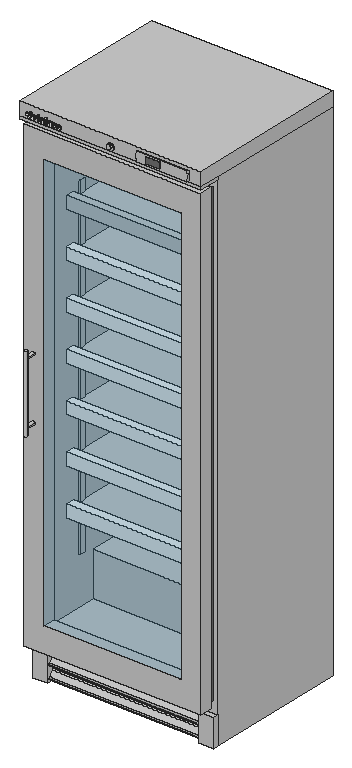
Revit family "QF_INFRICO_EVV100_250806102134", category Specialty Equipment, Revit 2021
Family settings
  Round Connector Dimension = Use Diameter
  Part Type = Normal
  OmniClass Number = 23.40.40.14
  OmniClass Title = Food Service Equipment
  Work Plane-Based = No
  Always vertical = Yes
  Cut with Voids When Loaded = No
  Shared = No
  Room Calculation Point = No
Parameters (values of type "EVV100")
  Weight [instance] = 140.00 kg
  Warranty Start Date [instance] = ""
  Warranty Duration [instance] = ""
  Volts [instance] = 230 V
  Volt Free Conn [instance] = no
  URL Recommended Spares List [instance] = ""
  URL Manufacturer [instance] = ""
  URL Cutsheet [instance] = ""
  URL Critical Spares List [instance] = ""
  URL = "www.infrico.com"
  Technical Documentation [instance] = ""
  Tag Number [instance] = ""
  Status [instance] = ""
  Start Up Current [instance] = 0 A
  Specification by User [instance] = ""
  Specification by Manufacturer [instance] = ""
  Sound Level [instance] = ""
  Show Logo [instance] = yes
  Show Clearances [instance] = yes
  Service Life Duration [instance] = ""
  Serial Number [instance] = ""
  Seismic Rating [instance] = ""
  SMACNA No [instance] = ""
  Revision Code [instance] = ""
  Revision [instance] = ""
  Production Year [instance] = ""
  Potential Equalisation [instance] = no
  Point Load [instance] = 0
  Phase [instance] = 1
  Other Equipment Approvals [instance] = ""
  Operational Current [instance] = 0 A
  Number of Poles [instance] = 2
  No Load Power Draw [instance] = no
  NAFEM Spec ID Number [instance] = ""
  Model Warning [instance] = ""
  Model = "EVV100"
  Min Ckt Ampacity [instance] = 0 A
  Max Overcurrent Protection [instance] = 0 A
  Masterspec [instance] = ""
  Manufacturer = "INFRICO"
  Main switch integrated [instance] = no
  Length Actual [instance] = 657 mm
  Item Number [instance] = ""
  Installed By [instance] = ""
  Installation Date [instance] = ""
  Identify Quantity as Lot [instance] = no
  ID [instance] = ""
  Hygiene Approval [instance] = ""
  Height Actual [instance] = 1918 mm
  HP power [instance] = ""
  Furnished By [instance] = ""
  Foodservice Equipment Identifier [instance] = no
  FL Amps [instance] = 0 A
  Electrical Remarks [instance] = ""
  Electric power [instance] = 360 W
  Electric Connection Type [instance] = ""
  Elec Conn RI Height [instance] = 0 mm
  Elec Conn Connection Height [instance] = 0 mm
  ETL Approved [instance] = no
  Description = "WOODEN WINE CELLAR - ONE DOOR - R290"
  Depth Actual [instance] = 596 mm
  Default Elevation = 0 mm
  Cycle [instance] = 50 Hz
  Cost = 0
  Connection to energy optimisation system [instance] = yes
  Conn Plug [instance] = ""
  Conn Conduit [instance] = no
  Centralized building control system with digital interface [instance] = ""
  CSI MasterFormat [instance] = ""
  CE Approved [instance] = no
  Barcode [instance] = 0
  Author [instance] = ""
  Asset Identifier [instance] = ""
  Apparent Power [instance] = 360 VA
  Accessory [instance] = no
Reference planes
  plane 1 "Center (Front/Back)": y = 0
  plane 2: z = 0
  plane 3 "Center (Left/Right)": x = 0
Forms (mm)
  Extrusion 1, solid, not visible
    sketch origin (615.03, -100.005, 320.016) x (1, 0, 0) y (0, 1, 0)
      loop
        line (-2, 2) -> (-2, -2) -> (2, -2) -> (2, 2) -> (-2, 2)
    from -2 to 2
Dimensions and locks
  locked: nested 2 to Extrusion 1 at 2  (x2)
  aligned and locked: level to plane 2
Nested families
  nested 1: "QF_INFRICO_EVV100_2920" at (0, 0, 0), type "EVV100"
    with Weight 140.00 kg, Warranty Start Date "", Warranty Duration "", URL Cutsheet "", Technical Documentation "", Tag Number "", Status "", Specification by User "", Specification by Manufacturer "", Sound Level "", Solid Fuel Type "", Show Logo yes, Show Clearances yes, Show Clearance yes, Service Life Duration "", Serial Number "", Seismic Rating "", SMACNA No "", Revision Code "", Revision "", Production Year "", Point Load 0, Other Equipment Approvals "", NAFEM Spec ID Number "", Model Warning "", Masterspec "", Length Actual 657 mm, Item Number "", Installed By "", Installation Date "", Identify Quantity as Lot yes, ID "", Hygiene Approval "", Height Actual 1918 mm, Furnished By "", Foodservice Equipment Identifier yes, Finish none, ETL Approved yes, Depth Actual 596 mm, CSI MasterFormat "", CE Approved no, Barcode "", Author "", Asset Identifier "", Accessory no
  nested 2: "CONN_POINT_ELE_2D___Generic_Annotation" at (615.03, -100.005, 318.016), type "CONN_POINT_ELE_2D___Generic_Annotation"
    with Onboard connection annotation symbol visibility yes
Connectors
  electrical at (615.03, -100.005, 318.016), driven by "Apparent Power", driven by "Number of Poles", driven by "Volts"
    settings: on Extrusion 1, index 1, voltage 230 V, apparent load 0 VA, apparent load phase1 360 VA, apparent load phase2 0 VA, apparent load phase3 0 VA, power factor 1, load classification "Other", number of poles 2, system type 31, power factor state 1, is connector primary yes, connector utility no, sub classification motor no, connector description "Electrical connection for EVV100"
Definition of nested family "QF_INFRICO_EVV100_2920"
  Parameters (values of type "EVV100")
    Weight [instance] = 0.00 kg
    Warranty Start Date [instance] = ""
    Warranty Duration [instance] = ""
    URL Cutsheet [instance] = ""
    URL = "www.infrico.com"
    Technical Documentation [instance] = ""
    Tag Number [instance] = ""
    Status [instance] = ""
    Specification by User [instance] = ""
    Specification by Manufacturer [instance] = ""
    Sound Level [instance] = ""
    Solid Fuel Type [instance] = ""
    Show Logo [instance] = yes
    Show Clearances [instance] = yes
    Show Clearance [instance] = yes
    Service Life Duration [instance] = ""
    Serial Number [instance] = ""
    Seismic Rating [instance] = ""
    SMACNA No [instance] = ""
    Revision Code [instance] = ""
    Revision [instance] = ""
    Production Year [instance] = ""
    Point Load [instance] = 0
    Other Equipment Approvals [instance] = ""
    NAFEM Spec ID Number [instance] = ""
    Model Warning [instance] = ""
    Model = "EVV100"
    Masterspec [instance] = ""
    Manufacturer = "INFRICO"
    Length Actual [instance] = 0 mm
    Item Number [instance] = ""
    Installed By [instance] = ""
    Installation Date [instance] = ""
    Identify Quantity as Lot [instance] = yes
    ID [instance] = ""
    Hygiene Approval [instance] = ""
    Height Actual [instance] = 0 mm
    Furnished By [instance] = ""
    Foodservice Equipment Identifier [instance] = yes
    Finish [instance] = none
    ETL Approved [instance] = yes
    Description = "WOODEN WINE CELLAR - ONE DOOR - R290"
    Depth Actual [instance] = 0 mm
    Default Elevation = 0 mm
    CSI MasterFormat [instance] = ""
    CE Approved [instance] = yes
    Barcode [instance] = ""
    Author [instance] = ""
    Asset Identifier [instance] = ""
    Assembly Code = "E1090320"
    Accessory [instance] = yes
  Reference planes
    plane 1 "Back": y = 0
    plane 2: z = 0
    plane 3 "Left": x = 0
    plane 4 "Right": x = 657
    plane 5 "Front": y = -596
    plane 6 "Top": z = 1918
  Forms (mm)
    Extrusion 1, solid, material <- "Finish"
      sketch origin (0, 0, 1868) x (1, 0, 0) y (0, 1, 0)
        loop
          line (0, 0) -> (0, -596) -> (657, -596) -> (657, 0) -> (0, 0)
      from 0 to 50
    Extrusion 2, solid, material <- "Finish"
      sketch origin (0, 0, 0) x (0, 1, 0) y (0, 0, 1)
        loop
          line (0, 1868) -> (-520, 1868) -> (-520, 18) -> (0, 18) -> (0, 1868)
      from 0 to 40
    Extrusion 3, solid, material <- "Finish"
      sketch origin (617, 0, 0) x (0, 1, 0) y (0, 0, 1)
        loop
          line (0, 1868) -> (-520, 1868) -> (-520, 18) -> (0, 18) -> (0, 1868)
      from 0 to 40
    Extrusion 4, solid, material <- "Finish"
      sketch origin (0, 0, 0) x (0, 1, 0) y (0, 0, 1)
        loop
          line (-520, 1868) -> (-596, 1868) -> (-596, 1858) -> (-520, 1858) -> (-520, 1868)
      from 0 to 657
    Extrusion 5, solid, material <- "Finish"
      sketch origin (0, 0, 0) x (0, 1, 0) y (0, 0, 1)
        loop
          line (0, 1868) -> (-19, 1868) -> (-19, 337) -> (-311, 337) -> (-311, 136) -> (-492, 136) -> (-492, 117) -> (-292, 117) -> (-292, 318) -> (0, 318) -> (0, 1868)
      from 40 to 617
    Extrusion 6, solid
      sketch origin (0, 0, 0) x (0, 1, 0) y (0, 0, 1)
        loop
          line (-103, 1801) -> (-103, 1651) -> (-83, 1611) -> (-83, 442) -> (-103, 402) -> (-103, 369) -> (-342, 369) -> (-342, 209) -> (-520, 209) -> (-520, 197) -> (-330, 197) -> (-330, 357) -> (-91, 357) -> (-91, 399.167) -> (-71, 439.167) -> (-71, 1613.833) -> (-91, 1653.833) -> (-91, 1813) -> (-520, 1813) -> (-520, 1801) -> (-103, 1801)
      from 40 to 617
    Extrusion 7, solid, material <- "Finish"
      sketch origin (0, 0, 0) x (0, 1, 0) y (0, 0, 1)
        loop
          line (-520, 18) -> (-520, 118) -> (-540, 118) -> (-540, 18) -> (-520, 18)
      from 0 to 54
    Extrusion 8, solid, material <- "Finish"
      sketch origin (603, 0, 0) x (0, 1, 0) y (0, 0, 1)
        loop
          line (-520, 18) -> (-520, 118) -> (-540, 118) -> (-540, 18) -> (-520, 18)
      from 0 to 54
    Extrusion 9, solid
      sketch origin (0, 0, 0) x (0, 1, 0) y (0, 0, 1)
        loop
          line (-519.636, 53.127) -> (-534, 36)
          arc (-534, 36) -> (-535.15, 32.35) -> (-533.382, 28.956) r 5
          line (-533.382, 28.956) -> (-528.785, 25.1)
          arc (-528.785, 25.1) -> (-525.135, 23.95) -> (-521.741, 25.718) r 5
          line (-521.741, 25.718) -> (-507.377, 42.845)
          arc (-507.377, 42.845) -> (-506.227, 46.495) -> (-507.995, 49.889) r 5
          line (-507.995, 49.889) -> (-512.592, 53.744)
          arc (-512.592, 53.744) -> (-516.242, 54.894) -> (-519.636, 53.127) r 5
        loop
          line (-519.636, 98.127) -> (-534, 81)
          arc (-534, 81) -> (-535.15, 77.35) -> (-533.382, 73.956) r 5
          line (-533.382, 73.956) -> (-528.785, 70.1)
          arc (-528.785, 70.1) -> (-525.135, 68.95) -> (-521.741, 70.718) r 5
          line (-521.741, 70.718) -> (-507.377, 87.845)
          arc (-507.377, 87.845) -> (-506.227, 91.495) -> (-507.995, 94.889) r 5
          line (-507.995, 94.889) -> (-512.592, 98.744)
          arc (-512.592, 98.744) -> (-516.242, 99.894) -> (-519.636, 98.127) r 5
      from 54 to 603
    Extrusion 10, solid, material <- "Finish"
      sketch origin (0, -492, 0) x (1, 0, 0) y (0, 0, 1)
        loop
          line (54, 18) -> (54, 118) -> (40, 118) -> (40, 18) -> (54, 18)
      from 0 to 28
    Extrusion 11, solid, material <- "Finish"
      sketch origin (563, -492, 0) x (1, 0, 0) y (0, 0, 1)
        loop
          line (54, 18) -> (54, 118) -> (40, 118) -> (40, 18) -> (54, 18)
      from 0 to 28
    Extrusion 12, solid, material <- "Finish"
      sketch origin (0, 0, 0) x (0, 1, 0) y (0, 0, 1)
        loop
          line (-520, 118) -> (-492, 118) -> (-492, 138) -> (-500, 138) -> (-500, 158) -> (-520, 158) -> (-520, 118)
      from 40 to 617
    Extrusion 13, solid, material <- "Finish"
      sketch origin (0, 0, 1986) x (0, 1, 0) y (0, 0, 1)
        loop
          line (-520, -118) -> (-520, -158) -> (-500, -158) -> (-500, -138) -> (-492, -138) -> (-492, -118) -> (-520, -118)
      from 40 to 617
    Extrusion 14, solid, material <- "Finish"
      sketch origin (7.5, -541, -77) x (1, 0, 0) y (0, 0, 1)
        loop
          line (0, 1918) -> (0, 222) -> (642, 222) -> (642, 1918) -> (0, 1918)
        loop
          line (572, 310) -> (572, 1830) -> (70, 1830) -> (70, 310) -> (572, 310)
      from 0 to 46
    Extrusion 15, solid
      sketch origin (1007.5, 0, 0) x (1, 0, 0) y (0, 0, 1)
        loop
          line (-988, 1829) -> (-988, 157) -> (-370, 157) -> (-370, 1829) -> (-988, 1829)
        loop
          line (-958, 1799) -> (-958, 187) -> (-400, 187) -> (-400, 1799) -> (-958, 1799)
      from 520 to 541
    Extrusion 16, solid
      sketch origin (1007.5, -17.233, 0) x (1, 0, 0) y (0, 0, 1)
        loop
          line (-930, 1753) -> (-930, 233) -> (-428, 233) -> (-428, 1753) -> (-930, 1753)
      from 567.767 to 569.767
    Extrusion 17, solid
      sketch origin (1813.697, -401.952, 528) x (1, 0, 0) y (0, 1, 0)
        loop
          line (-1748.697, 289.952) -> (-1748.697, -49.048) -> (-1221.697, -49.048) -> (-1221.697, 289.952) -> (-1748.697, 289.952)
      from 0 to 25
    Extrusion 18, solid
      sketch origin (1813.697, -401.952, 695) x (1, 0, 0) y (0, 1, 0)
        loop
          line (-1748.697, 289.952) -> (-1748.697, -49.048) -> (-1221.697, -49.048) -> (-1221.697, 289.952) -> (-1748.697, 289.952)
      from 0 to 25
    Extrusion 19, solid
      sketch origin (1813.697, -401.952, 862) x (1, 0, 0) y (0, 1, 0)
        loop
          line (-1748.697, 289.952) -> (-1748.697, -49.048) -> (-1221.697, -49.048) -> (-1221.697, 289.952) -> (-1748.697, 289.952)
      from 0 to 25
    Extrusion 20, solid
      sketch origin (1813.697, -401.952, 1029) x (1, 0, 0) y (0, 1, 0)
        loop
          line (-1748.697, 289.952) -> (-1748.697, -49.048) -> (-1221.697, -49.048) -> (-1221.697, 289.952) -> (-1748.697, 289.952)
      from 0 to 25
    Extrusion 21, solid
      sketch origin (1813.697, -401.952, 1196) x (1, 0, 0) y (0, 1, 0)
        loop
          line (-1748.697, 289.952) -> (-1748.697, -49.048) -> (-1221.697, -49.048) -> (-1221.697, 289.952) -> (-1748.697, 289.952)
      from 0 to 25
    Extrusion 22, solid
      sketch origin (1813.697, -401.952, 1363) x (1, 0, 0) y (0, 1, 0)
        loop
          line (-1748.697, 289.952) -> (-1748.697, -49.048) -> (-1221.697, -49.048) -> (-1221.697, 289.952) -> (-1748.697, 289.952)
      from 0 to 25
    Extrusion 23, solid
      sketch origin (1813.697, -401.952, 1530) x (1, 0, 0) y (0, 1, 0)
        loop
          line (-1748.697, 289.952) -> (-1748.697, -49.048) -> (-1221.697, -49.048) -> (-1221.697, 289.952) -> (-1748.697, 289.952)
      from 0 to 25
    Extrusion 24, solid
      sketch origin (-897.627, -174, 381) x (1, 0, 0) y (0, 1, 0)
        loop
          line (957.627, 0) -> (958.627, 0) -> (958.627, 1) -> (962.627, 3) -> (962.627, 18) -> (958.627, 20) -> (958.627, 21) -> (957.627, 21) -> (957.627, 19.382) -> (961.627, 17.382) -> (961.627, 3.618) -> (957.627, 1.618) -> (957.627, 0)
      from 0 to 1218
    Extrusion 25, solid
      sketch origin (-897.627, -404, 381) x (1, 0, 0) y (0, 1, 0)
        loop
          line (957.627, 0) -> (958.627, 0) -> (958.627, 1) -> (962.627, 3) -> (962.627, 18) -> (958.627, 20) -> (958.627, 21) -> (957.627, 21) -> (957.627, 19.382) -> (961.627, 17.382) -> (961.627, 3.618) -> (957.627, 1.618) -> (957.627, 0)
      from 0 to 1218
    Extrusion 26, solid
      sketch origin (1554.627, -174, 381) x (-1, 0, 0) y (0, -1, 0)
        loop
          line (957.627, 0) -> (957.627, -1.618) -> (961.627, -3.618) -> (961.627, -17.382) -> (957.627, -19.382) -> (957.627, -21) -> (958.627, -21) -> (958.627, -20) -> (962.627, -18) -> (962.627, -3) -> (958.627, -1) -> (958.627, 0) -> (957.627, 0)
      from 0 to 1218
    Extrusion 27, solid
      sketch origin (1554.627, -404, 381) x (-1, 0, 0) y (0, -1, 0)
        loop
          line (957.627, 0) -> (957.627, -1.618) -> (961.627, -3.618) -> (961.627, -17.382) -> (957.627, -19.382) -> (957.627, -21) -> (958.627, -21) -> (958.627, -20) -> (962.627, -18) -> (962.627, -3) -> (958.627, -1) -> (958.627, 0) -> (957.627, 0)
      from 0 to 1218
    Extrusion 28, solid
      sketch origin (25, 49, 691) x (0, 1, 0) y (0, 0, 1)
        loop
          line (-514, -118) -> (-514, -163) -> (-500, -163) -> (-500, -138) -> (-484, -138) -> (-484, -118) -> (-514, -118)
      from 40 to 567
    Extrusion 29, solid
      sketch origin (25, 49, 858) x (0, 1, 0) y (0, 0, 1)
        loop
          line (-514, -118) -> (-514, -163) -> (-500, -163) -> (-500, -138) -> (-484, -138) -> (-484, -118) -> (-514, -118)
      from 40 to 567
    Extrusion 30, solid
      sketch origin (20, 49, 1025) x (0, 1, 0) y (0, 0, 1)
        loop
          line (-514, -118) -> (-514, -163) -> (-500, -163) -> (-500, -138) -> (-484, -138) -> (-484, -118) -> (-514, -118)
      from 40 to 577
    Extrusion 31, solid
      sketch origin (20, 49, 1192) x (0, 1, 0) y (0, 0, 1)
        loop
          line (-514, -118) -> (-514, -163) -> (-500, -163) -> (-500, -138) -> (-484, -138) -> (-484, -118) -> (-514, -118)
      from 40 to 577
    Extrusion 32, solid
      sketch origin (20, 49, 1359) x (0, 1, 0) y (0, 0, 1)
        loop
          line (-514, -118) -> (-514, -163) -> (-500, -163) -> (-500, -138) -> (-484, -138) -> (-484, -118) -> (-514, -118)
      from 40 to 577
    Extrusion 33, solid
      sketch origin (20, 49, 1526) x (0, 1, 0) y (0, 0, 1)
        loop
          line (-514, -118) -> (-514, -163) -> (-500, -163) -> (-500, -138) -> (-484, -138) -> (-484, -118) -> (-514, -118)
      from 40 to 577
    Extrusion 34, solid
      sketch origin (25, 49, 1693) x (0, 1, 0) y (0, 0, 1)
        loop
          line (-514, -118) -> (-514, -163) -> (-500, -163) -> (-500, -138) -> (-484, -138) -> (-484, -118) -> (-514, -118)
      from 35 to 572
    Extrusion 35, solid
      sketch origin (1808.697, 0, 0) x (0, 1, 0) y (0, 0, 1)
        loop
          line (-119, 1221) -> (-119, 1271) -> (-131, 1271) -> (-152, 1221) -> (-119, 1221)
      from -1748.697 to -1211.697
    Extrusion 36, solid
      sketch origin (1808.697, 0, -167) x (0, 1, 0) y (0, 0, 1)
        loop
          line (-119, 1221) -> (-119, 1271) -> (-131, 1271) -> (-152, 1221) -> (-119, 1221)
      from -1748.697 to -1211.697
    Extrusion 37, solid
      sketch origin (0, 1000, 0) x (0, 1, 0) y (0, 0, 1)
        loop
          line (-1520, 1801) -> (-1520, 209) -> (-1342, 209) -> (-1342, 369) -> (-1103, 369) -> (-1103, 402) -> (-1083, 442) -> (-1083, 1611) -> (-1103, 1651) -> (-1103, 1801) -> (-1520, 1801)
      from 597 to 617
    Extrusion 38, solid
      sketch origin (-557, 1000, 0) x (0, 1, 0) y (0, 0, 1)
        loop
          line (-1520, 1801) -> (-1520, 209) -> (-1342, 209) -> (-1342, 369) -> (-1103, 369) -> (-1103, 402) -> (-1083, 442) -> (-1083, 1611) -> (-1103, 1651) -> (-1103, 1801) -> (-1520, 1801)
      from 597 to 617
    Extrusion 39, solid, material <- "Finish"
      sketch origin (0, 0, 0) x (0, 1, 0) y (0, 0, 1)
        loop
          line (0, 18) -> (0, 26) -> (-492, 26) -> (-492, 18) -> (0, 18)
      from 40 to 617
    Extrusion 40, solid
      sketch origin (-20.5, -6, 26) x (1, 0, 0) y (0, 1, 0)
        loop
          circle (62.5, 0) r 2
        loop
          circle (349, 0) r 2
        loop
          circle (635.5, 0) r 2
      from 0 to 292
    Extrusion 41, solid
      sketch origin (-20.5, 0, -18) x (0, 1, 0) y (0, 0, 1)
        loop
          circle (-2, 46) r 2
        loop
          circle (-3, 60) r 1
        loop
          circle (-3, 76) r 1
        loop
          circle (-3, 92) r 1
        loop
          circle (-3, 108) r 1
        loop
          circle (-3, 124) r 1
        loop
          circle (-3, 140) r 1
        loop
          circle (-3, 156) r 1
        loop
          circle (-3, 172) r 1
        loop
          circle (-3, 188) r 1
        loop
          circle (-3, 204) r 1
        loop
          circle (-3, 220) r 1
        loop
          circle (-3, 236) r 1
        loop
          circle (-3, 252) r 1
        loop
          circle (-3, 268) r 1
        loop
          circle (-3, 284) r 1
        loop
          circle (-3, 300) r 1
        loop
          circle (-3, 316) r 1
        loop
          circle (-2, 334) r 2
      from 60.5 to 637.5
    Extrusion 42, solid, visible <- "Show Clearance", detail levels coarse
      sketch origin (0, 0, 0) x (1, 0, 0) y (0, 1, 0)
        loop
          arc (7.5, -587) -> (182.064, -1008.436) -> (603.5, -1183) r 596
          line (603.5, -1183) -> (649.5, -1183) -> (649.5, -587) -> (7.5, -587)
      from 145 to 1841
    Extrusion 43, solid, visible <- "Show Logo"
      sketch origin (-1140.318, -596, 1176.214) x (1, 0, 0) y (0, 0, 1)
        loop
          line (1208.799, 696.53) -> (1208.799, 719.204) -> (1204.173, 719.204) -> (1204.173, 696.53) -> (1208.799, 696.53)
        loop
          line (1214.779, 713.006) -> (1211.283, 713.006) -> (1211.283, 696.53) -> (1215.772, 696.53) -> (1215.772, 707.832)
          arc (1215.772, 707.832) -> (1217.528, 708.741) -> (1219.417, 709.324) r 11.052
          arc (1219.417, 709.324) -> (1220.929, 708.961) -> (1221.598, 707.557) r 1.806
          line (1221.598, 707.557) -> (1221.598, 696.53) -> (1226.121, 696.53) -> (1226.121, 708.689)
          arc (1226.121, 708.689) -> (1224.637, 712.075) -> (1221.141, 713.281) r 4.607
          arc (1221.141, 713.281) -> (1218.282, 712.674) -> (1215.669, 711.361) r 11.435
          line (1215.669, 711.361) -> (1215.601, 712.184)
          arc (1215.601, 712.184) -> (1215.36, 712.765) -> (1214.779, 713.006) r 0.822
        loop
          line (1238.557, 720.102) -> (1237.306, 720.102)
          arc (1237.306, 720.102) -> (1235.052, 719.926) -> (1232.881, 719.297) r 11.103
          arc (1232.881, 719.297) -> (1230.805, 717.616) -> (1230.024, 715.062) r 4.567
          line (1230.024, 715.062) -> (1230.024, 712.909) -> (1227.351, 712.703) -> (1227.351, 709.374) -> (1230.024, 709.374) -> (1230.024, 696.53) -> (1234.547, 696.53) -> (1234.547, 709.374) -> (1238.249, 709.374) -> (1238.249, 712.938) -> (1234.547, 712.938) -> (1234.547, 714.548)
          arc (1234.547, 714.548) -> (1234.956, 715.705) -> (1236.045, 716.271) r 1.67
          line (1236.045, 716.271) -> (1237.7, 716.399)
          arc (1237.7, 716.399) -> (1238.306, 716.65) -> (1238.557, 717.255) r 0.857
          line (1238.557, 717.255) -> (1238.557, 720.102)
        loop
          line (1239.479, 713.006) -> (1239.479, 696.53) -> (1243.968, 696.53) -> (1243.968, 707.352)
          arc (1243.968, 707.352) -> (1245.873, 708.631) -> (1248.077, 709.268) r 7.435
          line (1248.077, 709.268) -> (1249.241, 709.416)
          arc (1249.241, 709.416) -> (1249.643, 709.758) -> (1249.793, 710.265) r 0.928
          line (1249.793, 710.265) -> (1249.793, 712.458)
          arc (1249.793, 712.458) -> (1249.531, 713.061) -> (1248.912, 713.28) r 0.824
          arc (1248.912, 713.28) -> (1246.197, 712.588) -> (1243.899, 710.984) r 7.833
          line (1243.899, 710.984) -> (1243.726, 713.006) -> (1239.479, 713.006)
        loop
          line (1255.495, 696.53) -> (1255.495, 713.006) -> (1251.006, 713.006) -> (1251.006, 696.53) -> (1255.495, 696.53)
        loop
          arc (1257.421, 701.327) -> (1258.567, 698.188) -> (1261.466, 696.525) r 4.873
          arc (1261.466, 696.525) -> (1264.493, 696.266) -> (1267.521, 696.525) r 17.816
          arc (1267.521, 696.525) -> (1270.575, 699.134) -> (1271.505, 703.041) r 6.481
          line (1271.505, 703.041) -> (1267.187, 703.041) -> (1267.187, 701.67)
          arc (1267.187, 701.67) -> (1266.64, 700.452) -> (1265.442, 699.865) r 1.965
          arc (1265.442, 699.865) -> (1264.547, 699.816) -> (1263.653, 699.865) r 8.196
          arc (1263.653, 699.865) -> (1262.417, 700.415) -> (1261.91, 701.67) r 1.806
          line (1261.91, 701.67) -> (1261.91, 707.9)
          arc (1261.91, 707.9) -> (1262.417, 709.155) -> (1263.653, 709.705) r 1.806
          arc (1263.653, 709.705) -> (1264.547, 709.754) -> (1265.442, 709.705) r 8.196
          arc (1265.442, 709.705) -> (1266.64, 709.118) -> (1267.187, 707.9) r 1.965
          line (1267.187, 707.9) -> (1267.187, 706.838) -> (1271.505, 706.838)
          arc (1271.505, 706.838) -> (1270.524, 710.556) -> (1267.521, 712.959) r 6.132
          arc (1267.521, 712.959) -> (1264.493, 713.294) -> (1261.466, 712.959) r 13.851
          arc (1261.466, 712.959) -> (1258.571, 711.349) -> (1257.421, 708.243) r 4.772
          line (1257.421, 708.243) -> (1257.421, 701.327)
        loop
          arc (1272.916, 701.329) -> (1273.993, 698.345) -> (1276.726, 696.734) r 4.676
          arc (1276.726, 696.734) -> (1278.515, 696.455) -> (1280.318, 696.291) r 28.371
          arc (1280.318, 696.291) -> (1282.122, 696.455) -> (1283.911, 696.734) r 28.371
          arc (1283.911, 696.734) -> (1286.644, 698.345) -> (1287.72, 701.329) r 4.676
          line (1287.72, 701.329) -> (1287.72, 708.242)
          arc (1287.72, 708.242) -> (1286.644, 711.226) -> (1283.911, 712.837) r 4.676
          arc (1283.911, 712.837) -> (1282.122, 713.116) -> (1280.318, 713.28) r 28.371
          arc (1280.318, 713.28) -> (1278.515, 713.116) -> (1276.726, 712.837) r 28.371
          arc (1276.726, 712.837) -> (1273.993, 711.226) -> (1272.916, 708.242) r 4.676
          line (1272.916, 708.242) -> (1272.916, 701.329)
        loop
          line (1277.405, 707.866) -> (1277.405, 701.705)
          arc (1277.405, 701.705) -> (1277.844, 700.556) -> (1278.936, 699.991) r 1.725
          arc (1278.936, 699.991) -> (1279.627, 699.918) -> (1280.318, 699.856) r 46.133
          arc (1280.318, 699.856) -> (1281.01, 699.918) -> (1281.701, 699.991) r 46.133
          arc (1281.701, 699.991) -> (1282.793, 700.556) -> (1283.231, 701.705) r 1.725
          line (1283.231, 701.705) -> (1283.231, 707.866)
          arc (1283.231, 707.866) -> (1282.793, 709.015) -> (1281.701, 709.58) r 1.725
          arc (1281.701, 709.58) -> (1281.01, 709.653) -> (1280.318, 709.716) r 46.133
          arc (1280.318, 709.716) -> (1279.627, 709.653) -> (1278.936, 709.58) r 46.133
          arc (1278.936, 709.58) -> (1277.844, 709.015) -> (1277.405, 707.866) r 1.725
        loop
          arc (1190.339, 696.543) -> (1191.411, 696.987) -> (1191.856, 698.059) r 1.516
          line (1191.856, 698.059) -> (1191.856, 703.891) -> (1196.035, 703.891)
          arc (1196.035, 703.891) -> (1196.79, 704.121) -> (1197.218, 704.782) r 1.147
          line (1197.218, 704.782) -> (1197.218, 706.211)
          arc (1197.218, 706.211) -> (1196.787, 707.258) -> (1195.719, 707.634) r 1.385
          line (1195.719, 707.634) -> (1194.52, 707.634) -> (1197.218, 710.332)
          arc (1197.218, 710.332) -> (1197.605, 711.266) -> (1197.218, 712.2) r 1.321
          line (1197.218, 712.2) -> (1196.495, 712.923)
          arc (1196.495, 712.923) -> (1195.54, 713.338) -> (1194.558, 712.991) r 1.422
          line (1194.558, 712.991) -> (1191.853, 710.286) -> (1191.853, 711.479)
          arc (1191.853, 711.479) -> (1191.443, 712.516) -> (1190.435, 712.992) r 1.516
          line (1190.435, 712.992) -> (1189.514, 712.992)
          arc (1189.514, 712.992) -> (1188.511, 712.514) -> (1188.103, 711.479) r 1.516
          line (1188.103, 711.479) -> (1188.103, 706.83) -> (1182.073, 701.336) -> (1182.073, 707.509) -> (1185.639, 711.075)
          arc (1185.639, 711.075) -> (1186.053, 712.073) -> (1185.639, 713.071) r 1.412
          line (1185.639, 713.071) -> (1184.987, 713.723)
          arc (1184.987, 713.723) -> (1183.939, 714.141) -> (1182.915, 713.667) r 1.428
          line (1182.915, 713.667) -> (1182.073, 712.825) -> (1182.073, 717.784)
          arc (1182.073, 717.784) -> (1181.658, 718.787) -> (1180.655, 719.203) r 1.418
          line (1180.655, 719.203) -> (1179.726, 719.203)
          arc (1179.726, 719.203) -> (1178.723, 718.787) -> (1178.308, 717.784) r 1.418
          line (1178.308, 717.784) -> (1178.308, 712.825) -> (1177.466, 713.667)
          arc (1177.466, 713.667) -> (1176.442, 714.141) -> (1175.394, 713.723) r 1.428
          line (1175.394, 713.723) -> (1174.742, 713.071)
          arc (1174.742, 713.071) -> (1174.328, 712.073) -> (1174.742, 711.075) r 1.412
          line (1174.742, 711.075) -> (1178.308, 707.509) -> (1178.308, 701.336) -> (1172.278, 706.83) -> (1172.278, 711.479)
          arc (1172.278, 711.479) -> (1171.87, 712.514) -> (1170.867, 712.992) r 1.516
          line (1170.867, 712.992) -> (1169.946, 712.992)
          arc (1169.946, 712.992) -> (1168.938, 712.516) -> (1168.528, 711.479) r 1.516
          line (1168.528, 711.479) -> (1168.528, 710.286) -> (1165.823, 712.991)
          arc (1165.823, 712.991) -> (1164.841, 713.338) -> (1163.886, 712.923) r 1.422
          line (1163.886, 712.923) -> (1163.163, 712.2)
          arc (1163.163, 712.2) -> (1162.776, 711.266) -> (1163.163, 710.332) r 1.321
          line (1163.163, 710.332) -> (1165.861, 707.634) -> (1164.662, 707.634)
          arc (1164.662, 707.634) -> (1163.594, 707.258) -> (1163.163, 706.211) r 1.385
          line (1163.163, 706.211) -> (1163.163, 704.782)
          arc (1163.163, 704.782) -> (1163.591, 704.121) -> (1164.346, 703.891) r 1.147
          line (1164.346, 703.891) -> (1168.525, 703.891) -> (1168.525, 698.059)
          arc (1168.525, 698.059) -> (1168.969, 696.987) -> (1170.042, 696.543) r 1.516
          line (1170.042, 696.543) -> (1190.339, 696.543)
      from 0 to 2
    Revolve 44, solid
      sketch origin (328.5, 0, -42) x (0, 1, 0) y (0, 0, 1)
        loop
          line (-596, 1913) -> (-596, 1925) -> (-602, 1925) -> (-602, 1916.5) -> (-598.5, 1913) -> (-596, 1913)
        axis (-596, 1925) -> (-602, 1925)
      angle from 0 to 360
    Extrusion 45, solid
      sketch origin (-229.5, -596, -11) x (1, 0, 0) y (0, 0, 1)
        loop
          arc (840, 1918) -> (748.5, 1919) -> (657, 1918) r 4186.625
          arc (657, 1918) -> (655.5, 1901) -> (657, 1884) r 97.083
          arc (657, 1884) -> (748.5, 1883) -> (840, 1884) r 4186.625
          arc (840, 1884) -> (841.5, 1901) -> (840, 1918) r 97.083
      from 0 to 6
    Extrusion 46, solid
      sketch origin (0, -600.1, 0) x (1, 0, 0) y (0, 0, 1)
        loop
          arc (461.5, 1902) -> (460.793, 1901.707) -> (460.5, 1901) r 1
          line (460.5, 1901) -> (460.5, 1879)
          arc (460.5, 1879) -> (460.793, 1878.293) -> (461.5, 1878) r 1
          line (461.5, 1878) -> (511.5, 1878)
          arc (511.5, 1878) -> (512.207, 1878.293) -> (512.5, 1879) r 1
          line (512.5, 1879) -> (512.5, 1901)
          arc (512.5, 1901) -> (512.207, 1901.707) -> (511.5, 1902) r 1
          line (511.5, 1902) -> (461.5, 1902)
      from 0 to 2
    Revolve 47, solid
      sketch origin (50, -75, 0) x (0, 1, 0) y (0, 0, 1)
        loop
          line (0, 0) -> (0, 18) -> (-8, 18) -> (-8, 16) -> (-5, 16) -> (-5, 10) -> (-13, 10)
          arc (-13, 10) -> (-14.414, 9.414) -> (-15, 8) r 2
          line (-15, 8) -> (-15, 3) -> (-12, 3) -> (-12, 0) -> (0, 0)
        axis (0, 0) -> (0, 18)
      angle from 0 to 360
    Revolve 48, solid
      sketch origin (50, -470, 0) x (0, 1, 0) y (0, 0, 1)
        loop
          line (0, 0) -> (0, 18) -> (-8, 18) -> (-8, 16) -> (-5, 16) -> (-5, 10) -> (-13, 10)
          arc (-13, 10) -> (-14.414, 9.414) -> (-15, 8) r 2
          line (-15, 8) -> (-15, 3) -> (-12, 3) -> (-12, 0) -> (0, 0)
        axis (0, 0) -> (0, 18)
      angle from 0 to 360
    Revolve 49, solid
      sketch origin (607, -75, 0) x (0, 1, 0) y (0, 0, 1)
        loop
          line (0, 0) -> (0, 18) -> (-8, 18) -> (-8, 16) -> (-5, 16) -> (-5, 10) -> (-13, 10)
          arc (-13, 10) -> (-14.414, 9.414) -> (-15, 8) r 2
          line (-15, 8) -> (-15, 3) -> (-12, 3) -> (-12, 0) -> (0, 0)
        axis (0, 0) -> (0, 18)
      angle from 0 to 360
    Revolve 50, solid
      sketch origin (607, -470, 0) x (0, 1, 0) y (0, 0, 1)
        loop
          line (0, 0) -> (0, 18) -> (-8, 18) -> (-8, 16) -> (-5, 16) -> (-5, 10) -> (-13, 10)
          arc (-13, 10) -> (-14.414, 9.414) -> (-15, 8) r 2
          line (-15, 8) -> (-15, 3) -> (-12, 3) -> (-12, 0) -> (0, 0)
        axis (0, 0) -> (0, 18)
      angle from 0 to 360
    Extrusion 51, solid
      sketch origin (42, -27, 856) x (1, 0, 0) y (0, 1, 0)
        loop
          circle (0, -596) r 6
      from 0 to 275
    Extrusion 52, solid
      sketch origin (0, 0, 831) x (1, 0, 0) y (0, 0, 1)
        loop
          circle (42, 275) r 5
      from 587 to 623
    Extrusion 53, solid
      sketch origin (0, 0, 606) x (1, 0, 0) y (0, 0, 1)
        loop
          circle (42, 275) r 5
      from 587 to 623
    Extrusion 54, solid
      sketch origin (39.22, -103, 67.81) x (1, 0, 0) y (0, 0, 1)
        loop
          arc (234.78, 1717.69) -> (231.244, 1716.226) -> (229.78, 1712.69) r 5
          line (229.78, 1712.69) -> (229.78, 1603.69)
          arc (229.78, 1603.69) -> (231.244, 1600.155) -> (234.78, 1598.69) r 5
          line (234.78, 1598.69) -> (343.78, 1598.69)
          arc (343.78, 1598.69) -> (347.315, 1600.155) -> (348.78, 1603.69) r 5
          line (348.78, 1603.69) -> (348.78, 1712.69)
          arc (348.78, 1712.69) -> (347.315, 1716.226) -> (343.78, 1717.69) r 5
          line (343.78, 1717.69) -> (234.78, 1717.69)
      from 0 to 4
  Cuts and joins
    joined: Extrusion 8, Extrusion 11
    joined: Extrusion 7, Extrusion 10
    joined: Extrusion 2, Extrusion 3, Extrusion 12, Extrusion 13
  Lines and regions (mm)
    symbolic lines
      curve 1: line (0, 0, 0) -> (657, 0, 0)
      curve 2: line (0, -596, 0) -> (0, 0, 0)
      curve 3: line (657, -596, 0) -> (0, -596, 0)
      curve 4: line (657, 0, 0) -> (657, -596, 0)
      curve 8: circle (42, -623, 0) r 6 normal (0, 0, 1)
      curve 9: line (37, -619.683, 0) -> (37, -596, 0)
      curve 10: line (47, -619.683, 0) -> (47, -596, 0)
    symbolic lines, visible <- "Show Clearance"
      curve 5: line (649.5, -1183, 0) -> (649.5, -596, 0)
      curve 6: arc (7.568, -596, 0) -> (185.258, -1011.606, 0) -> (603.5, -1183, 0) r 596
      curve 7: line (603.5, -1183, 0) -> (649.5, -1183, 0)
  Dimensions and locks
    plane 1 "Back" to plane 5 "Front" = 596 mm  (x2)
    plane 3 "Left" to plane 4 "Right" = 657 mm
    plane 6 "Top" to level = 1918 mm  (x2)
    plane 4 "Right" to plane 3 "Left" = 657 mm
    aligned and locked: level to plane 2
Definition of nested family "CONN_POINT_ELE_2D___Generic_Annotation"
  Parameters (values of type "CONN_POINT_ELE_2D___Generic_Annotation")
    Onboard connection annotation symbol visibility [instance] = yes
  Reference planes
    plane 1: y = 0
    plane 2: x = 0
  Lines and regions (mm)
    detail lines, visible <- "Onboard connection annotation symbol visibility"
      curve 1: circle (0, 0, 0) r 0.5 normal (0, 0, 1)
      curve 2: line (-1, 0, 0) -> (1, 0, 0)
      curve 3: line (0, 1, 0) -> (0, -1, 0)
      curve 4: line (2.5, 1, 0) -> (1.25, 1, 0)
      curve 5: line (1.25, 1, 0) -> (1.25, -1, 0)
      curve 6: line (1.25, -1, 0) -> (2.5, -1, 0)
      curve 7: line (1.25, 0, 0) -> (2, 0, 0)
